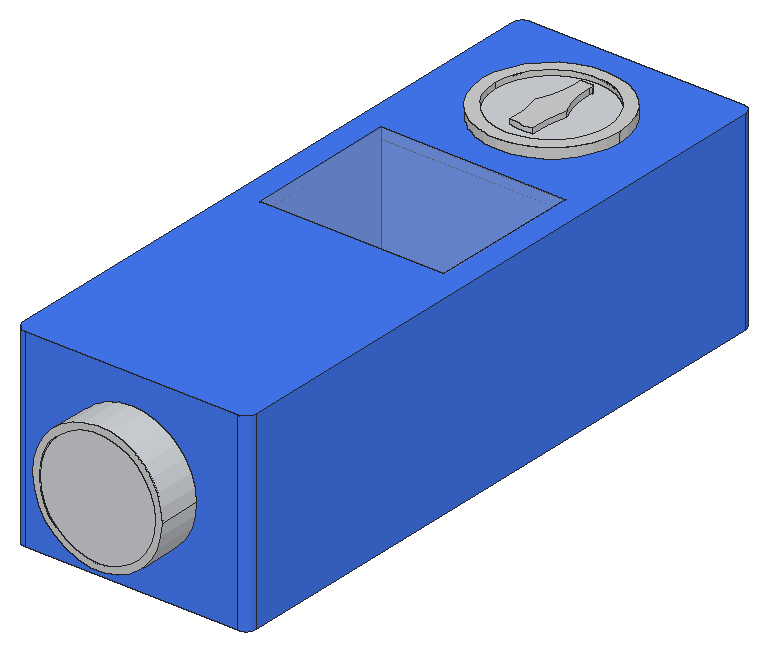
Revit family "Building-IEC309Connections-GEWISS-66IB-INTERLOCKED-SOCKET-OUTLETS-HD_IP66_WITHOUT_BOTTOM", category Apparecchi elettrici, host Superficie, Revit 2019
Family settings
  Host = Superficie
  Mantenere orientamento annotazione = Sì
  Quota connettore circolare = Usa diametro
  Tipo di parte = Normale
  Taglio con vuoti quando caricato = Sì
  Condiviso = Sì
  Punto di calcolo locali = Sì
Parameters (values of type "GW66557 - I.SOCKET IP66 N.B.3P+E 32A 380V 3H DIR")
  volt = 0 V
  vetro = Default - Vetro
  presa = Grigio RAL - 7035
  n-poli = 1
  giallo = 0 mm
  dist_piano [instance] = 0 mm
  Working temperature = "-25 ÷ +40 °C"
  With back-mounting box = "No"
  Vista_2d_pianta [instance] = yes
  Version file RFA = "21.4"
  URL = "https://www.gewiss.com/ww/en"
  Typology = "Vertical"
  Type of use = "Heavy duty"
  Thermo-pressure with ball = "80 °C"
  Technical sheet = "https://www.gewiss.com/ww/en/search?q=GW66557"
  Struttura = Grigio RAL - 7035
  Simbolo presa = PRESAINDSTAGNA : 3P
  Simbolo [instance] = no
  Simb_circuito [instance] = not(Simbolo)  # yes
  Shock resistance = "> IK10"
  SEO = "Socket outlet"
  Reference h = "3"
  Realized by GEWISS S.p.A. = ""
  Rated voltage = "380-440V"
  Rated frequency (Hz) = "50/60 Hz"
  Rated current (In) = "32"
  Rated current (A) = "32"
  Protection = "NO (SBF)"
  Default Elevation = 1219.2 mm
  Produttore = "GEWISS S.p.A."
  Operating temperature: = "-25 +40 °C"
  Number of poles = "3P+E"
  No. of poles = "3P+E"
  Modello = "GW66557"
  Impact resistance at -20 Â°C = "20J"
  Immagine tipo = M.jpg
  IP degree = "IP66"
  IDT = "38c102dc-65b8-441d-a2b4-99b5fbc5d4a6"
  IDF = "b301f61b-efe3-46e9-bcb7-94c3a847f40c"
  Glow wire test: = "850 °C"
  Glow Wire Test = "850 °C"
  Frequency = "50/60 Hz"
  Electrocod = "2222"
  EAN code = "8011564098527"
  Distanza x [instance] = 500 mm
  Distanza orizzontale simbolo [instance] = 0 mm
  Distanza effettiva x [instance] = 1500 mm - Distanza x  # 1000 mm
  Descrizione = "I.SOCKET IP66 N.B.3P+E 32A 380V 3H DIR"
  Corpo presa = Light Blue
  Cornice simbolo [instance] = yes
  Colour: = "Red"
  Colour = "Red"
  Catalogue Range = "66 IB"
  Catalogue = "BUILDING"
  COBie.Tagnumber = ""
  COBie.CreatedOn = ""
  COBie.CreatebBy = ""
  COBie.ComponentRegisterItemID = ""
  COBie.Component.TagNumber = ""
  COBie.Component.Space = ""
  COBie.Component.SerialNumber = ""
  COBie.Component.InstallationDate = ""
  COBie.Component.Description = ""
  COBie.Component.BarCode = ""
Types (23, lengths in mm): name | Technical sheet | Reference h | Rated voltage | Rated current (In) | Rated current (A) | Number of poles | No. of poles | Modello | IDT | EAN code | Descrizione | Colour: | Colour
  GW66535 - I.SOCKET IP66 N.B.2P+E 16A 110V 4H DIR | "https://www.gewiss.com/ww/en/search?q=GW66535" | "4" | "100-130V" | "16" | "16" | "2P+E" | "2P+E" | "GW66535" | "3a954089-bcf9-4d69-adb2-ec131f6cb405" | "8011564098305" | "I.SOCKET IP66 N.B.2P+E 16A 110V 4H DIR" | "Yellow" | "Yellow"
  GW66536 - I.SOCKET IP66 N.B.3P+E 16A 110V 4H DIR | "https://www.gewiss.com/ww/en/search?q=GW66536" | "4" | "100-130V" | "16" | "16" | "3P+E" | "3P+E" | "GW66536" | "325180c0-fe7b-48e3-bdcb-87054fda137f" | "8011564098312" | "I.SOCKET IP66 N.B.3P+E 16A 110V 4H DIR" | "Yellow" | "Yellow"
  GW66537 - I.SOCKET IP66 N.B.3P+N+E 16A 110V 4H DIR | "https://www.gewiss.com/ww/en/search?q=GW66537" | "4" | "100-130V" | "16" | "16" | "3P+N+E" | "3P+N+E" | "GW66537" | "54385bb3-2ccc-4d80-a463-00b53d4a92bd" | "8011564098329" | "I.SOCKET IP66 N.B.3P+N+E 16A 110V 4H DIR" | "Yellow" | "Yellow"
  GW66538 - I.SOCKET IP66 N.B.2P+E 16A 230V 6H DIR | "https://www.gewiss.com/ww/en/search?q=GW66538" | "6" | "200-250V" | "16" | "16" | "2P+E" | "2P+E" | "GW66538" | "6ee9678c-711d-4368-bc20-f30deed992b9" | "8011564098336" | "I.SOCKET IP66 N.B.2P+E 16A 230V 6H DIR" | "Blue" | "Blue"
  GW66539 - I.SOCKET IP66 N.B.3P+E 16A 230V 9H DIR | "https://www.gewiss.com/ww/en/search?q=GW66539" | "9" | "200-250V" | "16" | "16" | "3P+E" | "3P+E" | "GW66539" | "76d0c6d1-da87-463d-8364-f78ca17b47e8" | "8011564098343" | "I.SOCKET IP66 N.B.3P+E 16A 230V 9H DIR" | "Blue" | "Blue"
  GW66540 - I.SOCKET IP66 N.B.3P+N+E 16A 230V 9H DIR | "https://www.gewiss.com/ww/en/search?q=GW66540" | "9" | "200-250V" | "16" | "16" | "3P+N+E" | "3P+N+E" | "GW66540" | "62aab991-9a94-4f32-b406-b953c084c1fd" | "8011564098350" | "I.SOCKET IP66 N.B.3P+N+E 16A 230V 9H DIR" | "Blue" | "Blue"
  GW66541 - I.SOCKET IP66 N.B.2P+E 16A 400V 9H DIR | "https://www.gewiss.com/ww/en/search?q=GW66541" | "9" | "380-415V" | "16" | "16" | "2P+E" | "2P+E" | "GW66541" | "ea950c16-c3d3-4f90-a8d7-4c6fc6a2d06f" | "8011564098367" | "I.SOCKET IP66 N.B.2P+E 16A 400V 9H DIR" | "Red" | "Red"
  GW66542 - I.SOCKET IP66 N.B.3P+E 16A 400V 6H DIR | "https://www.gewiss.com/ww/en/search?q=GW66542" | "6" | "380-415V" | "16" | "16" | "3P+E" | "3P+E" | "GW66542" | "65744fe1-656c-410e-bd31-1b3795312f3d" | "8011564098374" | "I.SOCKET IP66 N.B.3P+E 16A 400V 6H DIR" | "Red" | "Red"
  GW66543 - I.SOCKET IP66 N.B.3P+N+E 16A 400V 6H DIR | "https://www.gewiss.com/ww/en/search?q=GW66543" | "6" | "380-415V" | "16" | "16" | "3P+N+E" | "3P+N+E" | "GW66543" | "1c032544-72cf-4b82-a583-bc25dfc51a86" | "8011564098381" | "I.SOCKET IP66 N.B.3P+N+E 16A 400V 6H DIR" | "Red" | "Red"
  GW66544 - I.SOCKET IP66 N.B.3P+E 16A 500V 7H DIR | "https://www.gewiss.com/ww/en/search?q=GW66544" | "7" | "480-500V" | "16" | "16" | "3P+E" | "3P+E" | "GW66544" | "2972cdae-c785-4537-a4fd-b216b0335ff1" | "8011564098398" | "I.SOCKET IP66 N.B.3P+E 16A 500V 7H DIR" | "Black" | "Black"
  GW66545 - I.SOCKET IP66 N.B.3P+N+E 16A 500V 7H DIR | "https://www.gewiss.com/ww/en/search?q=GW66545" | "7" | "480-500V" | "16" | "16" | "3P+N+E" | "3P+N+E" | "GW66545" | "cefca9c5-cf11-4d15-990c-636870cac781" | "8011564098404" | "I.SOCKET IP66 N.B.3P+N+E 16A 500V 7H DIR" | "Black" | "Black"
  GW66546 - I.SOCKET IP66 N.B.2P+E 32A 110V 4H DIR | "https://www.gewiss.com/ww/en/search?q=GW66546" | "4" | "100-130V" | "32" | "32" | "2P+E" | "2P+E" | "GW66546" | "f410c9f8-1e49-4231-a3bc-43f4d23a0566" | "8011564098411" | "I.SOCKET IP66 N.B.2P+E 32A 110V 4H DIR" | "Yellow" | "Yellow"
  GW66547 - I.SOCKET IP66 N.B.3P+E 32A 110V 4H DIR | "https://www.gewiss.com/ww/en/search?q=GW66547" | "4" | "100-130V" | "32" | "32" | "3P+E" | "3P+E" | "GW66547" | "b260ca9d-19b2-46a5-904f-4121089cd508" | "8011564098428" | "I.SOCKET IP66 N.B.3P+E 32A 110V 4H DIR" | "Yellow" | "Yellow"
  GW66548 - I.SOCKET IP66 N.B.3P+N+E 32A 110V 4H DIR | "https://www.gewiss.com/ww/en/search?q=GW66548" | "4" | "100-130V" | "32" | "32" | "3P+N+E" | "3P+N+E" | "GW66548" | "bb2ad851-4d70-4977-92c6-8ff996e89d91" | "8011564098435" | "I.SOCKET IP66 N.B.3P+N+E 32A 110V 4H DIR" | "Yellow" | "Yellow"
  GW66549 - I.SOCKET IP66 N.B.2P+E 32A 230V 6H DIR | "https://www.gewiss.com/ww/en/search?q=GW66549" | "6" | "200-250V" | "32" | "32" | "2P+E" | "2P+E" | "GW66549" | "8cc5d177-90a3-43ad-adfe-fbe1c562771c" | "8011564098442" | "I.SOCKET IP66 N.B.2P+E 32A 230V 6H DIR" | "Blue" | "Blue"
  GW66550 - I.SOCKET IP66 N.B.3P+E 32A 230V 9H DIR | "https://www.gewiss.com/ww/en/search?q=GW66550" | "9" | "200-250V" | "32" | "32" | "3P+E" | "3P+E" | "GW66550" | "818009f0-a0d8-4baf-a6aa-da972431c1fe" | "8011564098459" | "I.SOCKET IP66 N.B.3P+E 32A 230V 9H DIR" | "Blue" | "Blue"
  GW66551 - I.SOCKET IP66 N.B.3P+N+E 32A 230V 9H DIR | "https://www.gewiss.com/ww/en/search?q=GW66551" | "9" | "200-250V" | "32" | "32" | "3P+N+E" | "3P+N+E" | "GW66551" | "4963179e-1562-4623-90fa-eb615016eb42" | "8011564098466" | "I.SOCKET IP66 N.B.3P+N+E 32A 230V 9H DIR" | "Blue" | "Blue"
  GW66552 - I.SOCKET IP66 N.B.2P+E 32A 400V 9H DIR | "https://www.gewiss.com/ww/en/search?q=GW66552" | "9" | "380-415V" | "32" | "32" | "2P+E" | "2P+E" | "GW66552" | "301b24ee-8bf6-4705-8141-b63ca53baf5e" | "8011564098473" | "I.SOCKET IP66 N.B.2P+E 32A 400V 9H DIR" | "Red" | "Red"
  GW66553 - I.SOCKET IP66 N.B.3P+E 32A 400V 6H DIR | "https://www.gewiss.com/ww/en/search?q=GW66553" | "6" | "380-415V" | "32" | "32" | "3P+E" | "3P+E" | "GW66553" | "76c1f5c5-58ea-469f-8bfc-5a346cfa2ef4" | "8011564098480" | "I.SOCKET IP66 N.B.3P+E 32A 400V 6H DIR" | "Red" | "Red"
  GW66554 - I.SOCKET IP66 N.B.3P+N+E 32A 400V 6H DIR | "https://www.gewiss.com/ww/en/search?q=GW66554" | "6" | "380-415V" | "32" | "32" | "3P+N+E" | "3P+N+E" | "GW66554" | "eca66295-dbb9-4f1c-80bf-028c5649c8cc" | "8011564098497" | "I.SOCKET IP66 N.B.3P+N+E 32A 400V 6H DIR" | "Red" | "Red"
  GW66555 - I.SOCKET IP66 N.B.3P+E 32A 500V 7H DIR | "https://www.gewiss.com/ww/en/search?q=GW66555" | "7" | "480-500V" | "32" | "32" | "3P+E" | "3P+E" | "GW66555" | "b8b55278-b2e3-461c-bc8b-82fed4d71479" | "8011564098503" | "I.SOCKET IP66 N.B.3P+E 32A 500V 7H DIR" | "Black" | "Black"
  GW66556 - I.SOCKET IP66 N.B.3P+N+E 32A 500V 7H DIR | "https://www.gewiss.com/ww/en/search?q=GW66556" | "7" | "480-500V" | "32" | "32" | "3P+N+E" | "3P+N+E" | "GW66556" | "320dc6a1-2f2a-4559-aff4-a3f4894f82d4" | "8011564098510" | "I.SOCKET IP66 N.B.3P+N+E 32A 500V 7H DIR" | "Black" | "Black"
  GW66557 - I.SOCKET IP66 N.B.3P+E 32A 380V 3H DIR | "https://www.gewiss.com/ww/en/search?q=GW66557" | "3" | "380-440V" | "32" | "32" | "3P+E" | "3P+E" | "GW66557" | "38c102dc-65b8-441d-a2b4-99b5fbc5d4a6" | "8011564098527" | "I.SOCKET IP66 N.B.3P+E 32A 380V 3H DIR" | "Red" | "Red"
Reference planes
  plane 1 "Centro (Fronte/Retro)": y = 0
  plane 2: z = 0
  plane 3 "Centro (Sinistra/Destra)": x = 0
  plane 4: z = -2
  plane 5: x = -500
  plane 6: x = -1500
  plane 7: x = -500
  plane 8: through (-170.762, -4572, -38.353) normal (-0.6157, 0, 0.788)
  plane 9: x = -51.152
  plane 10: x = 53.222
  plane 11: z = -2
  plane 12: x = -74
  plane 13: x = 74
  plane 14: y = 392
  plane 15: y = -2
Forms (mm)
  Extrusion 1, solid, detail levels coarse
    sketch origin (0, 0, 0) x (1, 0, 0) y (0, 1, 0)
      loop
        line (-74, 392) -> (-74, -2) -> (74, -2) -> (74, 392) -> (-74, 392)
    from 0 to 123
Lines and regions (mm)
  Masking region 1, visible <- "Vista_2d_pianta"
    outline origin (0, 0, 0) x (1, 0, 0) y (0, 0, 1)
  Masking region 2, visible <- "Vista_2d_pianta"
    outline origin (0, 0, 0) x (1, 0, 0) y (0, 0, 1)
      loop
        line (-74, 0) -> (74, 0) -> (74, 123) -> (-74, 123) -> (-74, 0)
Dimensions and locks
  locked: plane 2 to plane 4 at 2
  "Distanza effettiva x": plane 5 to plane 6
  plane 3 "Centro (Sinistra/Destra)" to plane 6 = 1500 mm
  "Distanza effettiva x": plane 6 to plane 7
  locked: plane 15 to plane 1 "Centro (Fronte/Retro)" at 2
  locked: plane 12 to nested 1 at 2
  locked: nested 1 to plane 13 at 2
  locked: plane 14 to nested 1 at 2
  "dist_piano": plane 11 to plane 4
  plane 6 to plane 3 "Centro (Sinistra/Destra)" = 1500 mm
  angle plane 8 to plane 4 = 142.00°
  angle plane 7 to plane 8 = 128.00°
  aligned and locked: plane 2 to host face
  aligned and locked: level to host face
  aligned and locked: plane 3 "Centro (Sinistra/Destra)" to nested 1
  aligned and locked: plane 7 to nested 3
  aligned and locked: Masking region 2 to plane 12
  aligned and locked: plane 13 to Masking region 2
  aligned and locked: Masking region 2 to level
  aligned and locked: nested 1 to plane 11
  aligned and locked: Masking region 2 to nested 1
  aligned and locked: Extrusion 1 sketch curve to plane 12
  aligned and locked: Extrusion 1 sketch curve to plane 14
  aligned and locked: Extrusion 1 sketch curve to plane 13
  aligned and locked: Extrusion 1 sketch curve to plane 15
  aligned and locked: Extrusion 1 to nested 1
  aligned and locked: Extrusion 1 to level
  aligned and locked: plane 7 to nested 2
Automatic sketch dimensions
  host sketch curve to host sketch curve = 2438.4 mm  (x2)
  Masking region 2 sketch curve to plane 10 = 20.778 mm
  plane 9 to Masking region 2 sketch curve = 22.848 mm
  level to Masking region 2 sketch curve = 0 mm
  Masking region 2 sketch curve to Masking region 2 sketch curve = 123 mm
Nested families
  nested 1: "GW66824_no fondo_master" at (0, 0, -77), type "GW66824_no fondo_master", detail levels medium+fine
  nested 2: "simbolo_circuitoGW66201N" at (-500, 30.442, 0), Distanza dal muro <- "Distanza orizzontale simbolo", SIMBOLO ACCESO <- "Simb_circuito", type "3P"
  nested 3: "PRESAINDSTAGNA" at (-500, 23.722, 0), Distanza dal muro <- "Distanza orizzontale simbolo", SIMBOLO ACCESO <- "Simbolo", type "3P"
    with SIMBOLO ACCESO no, Distanza dal muro 0 mm, BORDO ACCESO yes
Connectors
  electrical at (0, 195.052, -2), driven by "n-poli", driven by "volt"
    settings: on nested 1, index 1, voltage 0 V, apparent load 0 VA, apparent load phase1 0 VA, apparent load phase2 0 VA, apparent load phase3 0 VA, power factor 1, load classification "Altro", number of poles 1, system type 31, power factor state 1, is connector primary yes, connector utility no, sub classification motor no, connector description ""
Definition of nested family "GW66824_no fondo_master"
  Parameters (values of type "GW66824_no fondo_master")
    w = 144 mm
    sp_interbloccata = 119 mm
    d_piano = 75 mm
    corpo presa = none
    Vetro = none
    Struttura = none
    Spessore = 30 mm
    Raggio = 40 mm
    Default Elevation = 14 mm
    Presa = none
    Lunghezza = 103 mm
    IFC.TypeObject = ""
    IFC.ExportType = ""
    IFC.ExportAs = ""
    H_da terra = 586.883 mm
    COBie.CreatedOn = ""
    COBie.CreatebBy = ""
    COBie.ComponentRegisterItemID = ""
    COBie.Component.TagNumber = ""
    COBie.Component.Space = ""
    COBie.Component.SerialNumber = ""
    COBie.Component.InstallationDate = ""
    COBie.Component.Description = ""
    COBie.Component.BarCode = ""
    Altezza = 390 mm
  Reference planes
    plane 1 "Centro (Fronte/Retro)": y = 0
    plane 2: z = 0
    plane 3 "Centro (Sinistra/Destra)": x = 0
    plane 4 "presa": z = 210
    plane 5: z = 200
    plane 6: z = 194
    plane 7: x = -72
    plane 8: x = 72
    plane 9: y = 390
    plane 10: y = 0
    plane 11: y = 324
    plane 12: z = 197
    plane 13: y = 217
    plane 14: x = -57
    plane 15: x = 57
    plane 16: y = 264
    plane 17: y = 170
    plane 18: z = 84.858
    plane 19: z = 187.562
    plane 20: z = 75
    plane 21: z = 136.21
    plane 22 "presa fronte": y = -26
  Forms (mm)
    Extrusion 1, solid, material <- "Struttura"
      sketch origin (0, -427.104, -30) x (1, 0, 0) y (0, 1, 0)
        loop
          circle (0, 751.104) r 34.75
        loop
          circle (0, 751.104) r 42.079
      from 224 to 230
    Extrusion 2, solid, material <- "Struttura"
      sketch origin (0, -427.104, -30) x (1, 0, 0) y (0, 1, 0)
        loop
          arc (-9.552, 750.899) -> (-7.429, 739.645) -> (-7.314, 728.193) r 64.983
          arc (-7.314, 728.193) -> (-0.131, 727.067) -> (7.064, 728.115) r 24.316
          arc (7.064, 728.115) -> (7.302, 739.566) -> (9.547, 750.796) r 64.983
          arc (9.547, 750.796) -> (5.519, 762.425) -> (4.215, 774.661) r 54.251
          line (4.215, 774.661) -> (4.25, 777.658)
          arc (4.25, 777.658) -> (3.985, 778.329) -> (3.336, 778.647) r 1
          arc (3.336, 778.647) -> (0.147, 778.794) -> (-3.043, 778.682) r 39.364
          arc (-3.043, 778.682) -> (-3.695, 778.371) -> (-3.967, 777.702) r 1
          line (-3.967, 777.702) -> (-3.964, 774.706)
          arc (-3.964, 774.706) -> (-5.4, 762.483) -> (-9.552, 750.899) r 54.251
      from 224 to 230
    Extrusion 3, solid, material <- "corpo presa"
      sketch origin (-2.5, -699.604, -30) x (1, 0, 0) y (0, 1, 0)
        loop
          arc (74.5, 1083.298) -> (72.653, 1087.757) -> (68.194, 1089.604) r 6.306
          line (68.194, 1089.604) -> (-63.194, 1089.604)
          arc (-63.194, 1089.604) -> (-67.653, 1087.757) -> (-69.5, 1083.298) r 6.306
          line (-69.5, 1083.298) -> (-69.5, 706.118)
          arc (-69.5, 706.118) -> (-67.592, 701.512) -> (-62.985, 699.604) r 6.515
          line (-62.985, 699.604) -> (67.985, 699.604)
          arc (67.985, 699.604) -> (72.592, 701.512) -> (74.5, 706.118) r 6.515
          line (74.5, 706.118) -> (74.5, 1083.298)
      from 105 to 224
    Extrusion 4, solid
      sketch origin (0, 0, 210) x (0, -1, 0) y (1, 0, 0)
        loop
          circle (-324, 0) r 34.75
      from -16 to -13
    Extrusion 5, void
      sketch origin (0, 0, 210) x (0, -1, 0) y (1, 0, 0)
        loop
          line (-170, -57) -> (-170, 57) -> (-264, 57) -> (-264, -57) -> (-170, -57)
      from -125.142 to -16
    Extrusion 6, solid, material <- "Vetro"
      sketch origin (0, 0, 210) x (0, -1, 0) y (1, 0, 0)
        loop
          line (-170, -57) -> (-170, 57) -> (-264, 57) -> (-264, -57) -> (-170, -57)
      from -22.438 to -16
    Extrusion 7, solid, material <- "Presa"
      sketch origin (0, 0, 0) x (1, 0, 0) y (0, 0, 1)
        loop
          circle (0, 136.21) r 40
        loop
          circle (0, 136.21) r 36
      from 0 to 26
    Extrusion 8, solid
      sketch origin (0, 0, 0) x (1, 0, 0) y (0, 0, 1)
        loop
          circle (0, 136.21) r 40
      from 0 to 26
  Cuts and joins
    Extrusion 5 cuts Extrusion 3
  Lines and regions (mm)
    symbolic lines
      curve 1: line (0, -26, 178.929) -> (0, -26, 99.929)
      curve 2: line (50, -26, 136.21) -> (-50, -26, 136.21)
  Dimensions and locks
    locked: plane 5 to plane 4 "presa" at 10
    locked: plane 6 to plane 5 at 6
    equal spacing: plane 7, plane 3 "Centro (Sinistra/Destra)", plane 8
    "w": plane 7 to plane 8
    "Altezza": plane 1 "Centro (Fronte/Retro)" to plane 9
    locked: plane 9 to plane 11 at 66
    locked: plane 12 to plane 6 at 3
    locked: plane 9 to plane 13 at 173
    equal spacing: plane 14, plane 3 "Centro (Sinistra/Destra)", plane 15
    plane 14 to plane 15 = 114 mm
    equal spacing: plane 16, plane 13, plane 17
    locked: plane 16 to plane 17 at 94
    locked: plane 6 to plane 19 at 6.438
    "sp_interbloccata": plane 6 to plane 20
    "d_piano": plane 20 to level
    locked: plane 18 to plane 20 at 9.858
    locked: plane 22 "presa fronte" to plane 10 at 26
    equal spacing: plane 18, plane 21, plane 19
    diameter of Extrusion 1 sketch curve = 69.5 mm
    radius of Extrusion 4 sketch curve = 34.75 mm
    aligned and locked: level to plane 2
    aligned and locked: Extrusion 1 to Extrusion 3
    aligned and locked: Extrusion 2 to Extrusion 1
    aligned and locked: Extrusion 1 to Extrusion 2
    aligned and locked: Extrusion 3 to plane 6
    aligned and locked: Extrusion 1 to plane 5
    aligned and locked: Extrusion 3 sketch curve to plane 7
    aligned and locked: Extrusion 3 sketch curve to plane 8
    aligned and locked: Extrusion 3 sketch curve to plane 9
    aligned and locked: plane 10 to Extrusion 3 sketch curve
    aligned and locked: plane 10 to plane 1 "Centro (Fronte/Retro)"
    aligned and locked: plane 11 to Extrusion 1 sketch curve
    aligned and locked: plane 3 "Centro (Sinistra/Destra)" to Extrusion 1 sketch curve
    aligned and locked: plane 3 "Centro (Sinistra/Destra)" to Extrusion 4 sketch curve
    aligned and locked: plane 11 to Extrusion 4 sketch curve
    aligned and locked: plane 6 to Extrusion 4
    aligned and locked: plane 12 to Extrusion 4
    aligned and locked: Extrusion 5 sketch curve to plane 14
    aligned and locked: Extrusion 5 sketch curve to plane 17
    aligned and locked: Extrusion 5 sketch curve to plane 15
    aligned and locked: Extrusion 5 sketch curve to plane 16
    aligned and locked: Extrusion 5 to plane 18
    aligned and locked: Extrusion 5 to plane 6
    aligned and locked: Extrusion 6 sketch curve to plane 14
    aligned and locked: Extrusion 6 sketch curve to plane 17
    aligned and locked: Extrusion 6 sketch curve to plane 16
    aligned and locked: Extrusion 6 sketch curve to plane 15
    aligned and locked: Extrusion 6 to plane 19
    aligned and locked: Extrusion 6 to plane 6
    aligned and locked: plane 20 to cut or joined group of Extrusion 3, Extrusion 5
    aligned and locked: plane 3 "Centro (Sinistra/Destra)" to Extrusion 7 sketch curve
    aligned and locked: plane 21 to Extrusion 7 sketch curve
    aligned and locked: Extrusion 7 to plane 22 "presa fronte"
    aligned and locked: plane 3 "Centro (Sinistra/Destra)" to Extrusion 8 sketch curve
    aligned and locked: plane 21 to Extrusion 8 sketch curve
    aligned and locked: Extrusion 8 to plane 1 "Centro (Fronte/Retro)"
    aligned and locked: Extrusion 8 to plane 22 "presa fronte"
    aligned and locked: plane 3 "Centro (Sinistra/Destra)" to curve 1
    aligned and locked: curve 2 to plane 21
  Automatic sketch dimensions
    Extrusion 2 sketch curve to plane 3 "Centro (Sinistra/Destra)" = 0 mm
    Extrusion 2 sketch curve to plane 3 "Centro (Sinistra/Destra)" = 0.064 mm
    Extrusion 2 sketch curve to plane 3 "Centro (Sinistra/Destra)" = 2.967 mm
    Extrusion 2 sketch curve to Extrusion 2 sketch curve = 0.997 mm
    Extrusion 2 sketch curve to Extrusion 2 sketch curve = 1 mm  (x2)
    Extrusion 2 sketch curve to Extrusion 2 sketch curve = 54.251 mm
    Extrusion 2 sketch curve to Extrusion 2 sketch curve = 13.883 mm
    plane 3 "Centro (Sinistra/Destra)" to Extrusion 2 sketch curve = 3.25 mm
    Extrusion 2 sketch curve to Extrusion 2 sketch curve = 0.965 mm
    Extrusion 2 sketch curve to Extrusion 2 sketch curve = 54.25 mm
    Extrusion 2 sketch curve to Extrusion 2 sketch curve = 13.435 mm
    Extrusion 2 sketch curve to plane 1 "Centro (Fronte/Retro)" = 305.393 mm
    Extrusion 2 sketch curve to plane 1 "Centro (Fronte/Retro)" = 306.167 mm
    Extrusion 2 sketch curve to plane 1 "Centro (Fronte/Retro)" = 312.327 mm
    Extrusion 2 sketch curve to Extrusion 2 sketch curve = 11.953 mm
    Extrusion 2 sketch curve to Extrusion 2 sketch curve = 41.757 mm
    Extrusion 2 sketch curve to Extrusion 2 sketch curve = 23.278 mm
    Extrusion 2 sketch curve to Extrusion 2 sketch curve = 0.044 mm
    Extrusion 2 sketch curve to Extrusion 2 sketch curve = 41.61 mm
    Extrusion 2 sketch curve to Extrusion 2 sketch curve = 2.99 mm
    Extrusion 2 sketch curve to Extrusion 2 sketch curve = 0.007 mm
    Extrusion 2 sketch curve to Extrusion 2 sketch curve = 2.979 mm
    Extrusion 2 sketch curve to Extrusion 2 sketch curve = 0.018 mm
    Extrusion 2 sketch curve to Extrusion 2 sketch curve = 0 mm
    Extrusion 2 sketch curve to plane 3 "Centro (Sinistra/Destra)" = 7.314 mm
    Extrusion 2 sketch curve to Extrusion 2 sketch curve = 9.552 mm
    plane 3 "Centro (Sinistra/Destra)" to Extrusion 2 sketch curve = 7.064 mm
    Extrusion 3 sketch curve to Extrusion 3 sketch curve = 6.306 mm  (x2)
    Extrusion 3 sketch curve to Extrusion 3 sketch curve = 6.515 mm  (x2)
    Extrusion 1 sketch curve to Extrusion 1 sketch curve = 0 mm  (x2)
    Extrusion 7 sketch curve to Extrusion 7 sketch curve = 0 mm  (x2)
    plane 18 to curve 1 = 15.071 mm
    curve 1 to plane 19 = 8.633 mm
    curve 2 to plane 14 = 7 mm
    plane 15 to curve 2 = 7 mm
    radius of Extrusion 1 sketch curve = 42.079 mm
    radius of Extrusion 7 sketch curve = 40 mm
    radius of Extrusion 7 sketch curve = 36 mm
    radius of Extrusion 8 sketch curve = 40 mm
Definition of nested family "simbolo_circuitoGW66201N"
  Parameters (values of type "3P")
    SIMBOLO ACCESO [instance] = yes
    SIMBOLO = PRESAINDSTAGNA_BASE : 3P
    Distanza dal muro [instance] = 0 mm
    BORDO ACCESO [instance] = yes
  Reference planes
    plane 1: y = 0
    plane 2: x = 0
  Dimensions and locks
    "Distanza dal muro": plane 1 to nested 1
    aligned and locked: plane 2 to nested 1
  Nested families
    nested 1: "GW66201N-simb_base_di circuito" at (0, 0, 0), visible <- "SIMBOLO ACCESO", type "3P"
      with CORNICE SIMBOLO yes
  Definition of nested family "GW66201N-simb_base_di circuito"
    Parameters (values of type "3P")
      CORNICE SIMBOLO [instance] = yes
      3P = yes
    Types (2, lengths in mm): name | 3P
      3P | yes
      2P | no
    Reference planes
      plane 1: y = 0
      plane 2: x = 0
    Lines and regions (mm)
      detail lines, not visible
        curve 1: line (-2.443, 10.208, 0) -> (2.057, 10.208, 0)
        curve 2: line (2.057, 10.208, 0) -> (2.057, 4.208, 0)
        curve 3: line (2.057, 4.208, 0) -> (-2.443, 4.208, 0)
        curve 4: line (-2.443, 4.208, 0) -> (-2.443, 10.208, 0)
        curve 5: line (-2.043, 9.808, 0) -> (1.657, 9.808, 0)
        curve 6: line (1.657, 9.808, 0) -> (1.657, 4.608, 0)
        curve 7: line (1.657, 4.608, 0) -> (-2.043, 4.608, 0)
        curve 8: line (-2.043, 4.608, 0) -> (-2.043, 9.808, 0)
    Dimensions and locks
      aligned and locked: import instance to plane 2
      aligned and locked: plane 1 to import instance
Definition of nested family "PRESAINDSTAGNA"
  Parameters (values of type "3P")
    SIMBOLO ACCESO [instance] = yes
    SIMBOLO = PRESAINDSTAGNA_BASE : 3P
    Distanza dal muro [instance] = 0 mm
    BORDO ACCESO [instance] = yes
  Types (2): name
    2P
    3P
  Reference planes
    plane 1: y = 0
    plane 2: x = 0
  Dimensions and locks
    "Distanza dal muro": plane 1 to nested 1
    aligned and locked: plane 2 to nested 1
  Nested families
    nested 1: "PRESAINDSTAGNA_BASE" at (0, 0, 0), type <- "SIMBOLO", CORNICE SIMBOLO <- "BORDO ACCESO", visible <- "SIMBOLO ACCESO", type "3P"
  Definition of nested family "PRESAINDSTAGNA_BASE"
    Parameters (values of type "3P")
      CORNICE SIMBOLO [instance] = yes
      3P = yes
    Types (2, lengths in mm): name | 3P
      3P | yes
      2P | no
    Reference planes
      plane 1: y = 0
      plane 2: x = 0
    Lines and regions (mm)
      detail lines, not visible
        curve 1: line (-2.443, 10.208, 0) -> (2.057, 10.208, 0)
        curve 2: line (2.057, 10.208, 0) -> (2.057, 4.208, 0)
        curve 3: line (2.057, 4.208, 0) -> (-2.443, 4.208, 0)
        curve 4: line (-2.443, 4.208, 0) -> (-2.443, 10.208, 0)
        curve 5: line (-2.043, 9.808, 0) -> (1.657, 9.808, 0)
        curve 6: line (1.657, 9.808, 0) -> (1.657, 4.608, 0)
        curve 7: line (1.657, 4.608, 0) -> (-2.043, 4.608, 0)
        curve 8: line (-2.043, 4.608, 0) -> (-2.043, 9.808, 0)
      detail lines
        curve 9: line (-0.333, 0.928, 0) -> (-0.05, 0.928, 0)
        curve 10: line (-0.05, 0.928, 0) -> (0.417, 1.737, 0)
        curve 11: line (0.417, 1.737, 0) -> (0.764, 1.537, 0)
        curve 12: line (-0.05, 0.928, 0) -> (-0.333, 0.437, 0)
        curve 13: line (-0.333, 0.437, 0) -> (-0.333, 2.059, 0)
        curve 14: line (0.222, 1.399, 0) -> (0.569, 1.199, 0)
        curve 15: line (-0.723, 0.437, 0) -> (0.057, 0.437, 0)
        curve 16: line (-0.333, 0.81, 0) -> (-0.216, 0.928, 0)
        curve 17: line (-0.333, 0.741, 0) -> (-0.147, 0.928, 0)
        curve 18: line (-0.333, 0.672, 0) -> (-0.078, 0.928, 0)
        curve 19: line (-0.333, 0.603, 0) -> (-0.106, 0.831, 0)
        curve 20: line (-0.333, 0.534, 0) -> (-0.2, 0.668, 0)
        curve 22: arc (-0.723, 0.047, 0) -> (-0.333, 0.437, 0) -> (0.057, 0.047, 0) r 0.39
        curve 23: line (-0.8, 2.1, 0) -> (0.8, 2.1, 0)
        curve 24: line (-0.8, 0, 0) -> (-0.8, 2.1, 0)
        curve 25: line (0.8, 0, 0) -> (-0.8, 0, 0)
        curve 26: line (0.8, 2.1, 0) -> (0.8, 0, 0)
      detail lines, visible <- "3P"
        curve 21: line (0.028, 1.061, 0) -> (0.374, 0.861, 0)
